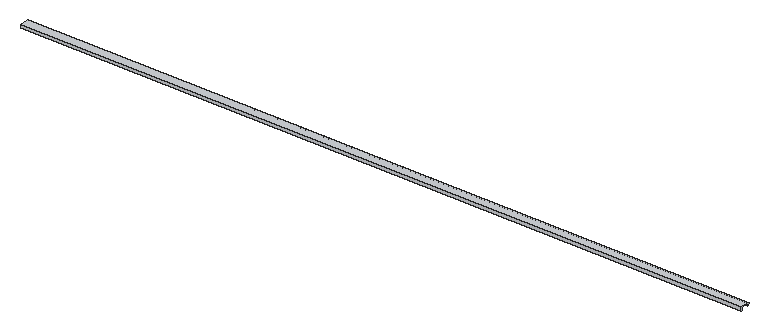
Revit family "Cold-Rolled Channel", category Structural Framing, Revit 2026
Family settings
  Section Shape = Not Defined
  Material for Model Behavior = Other
  Always export as geometry = No
  Classification Number = 23.25.30.11.14.14
  Always vertical = Yes
  Cut with Voids When Loaded = No
  Symbolic Representation = From Family
  Shared = No
  Show family pre-cut in plan views = Yes
Parameters
  Version = "2.0"
  URL = ""
  Manufacturer = ""
  Length [instance] = 120.0000"
Reference planes (in)
  plane 1 "Center (Front/Back)": y = 0
  plane 2 "Center El.": z = 0
  plane 3 "Center (Left/Right)": x = 0
  plane 4 "Left": x = -60
  plane 5 "Right": x = 60
  plane 6: z = 0.5
  plane 7: y = 0.75
  plane 8: y = -0.75
  plane 9: z = 0.4434
  plane 10: y = -0.6934
  plane 11: y = 0.6934
Forms (in)
  Extrusion 1, solid
    sketch origin (60, 0, 0) x (0, -1, 0) y (0, 0, 1)
      loop
        line (0.75, 0) -> (0.75, 0.5) -> (-0.75, 0.5) -> (-0.75, 0) -> (-0.6934, 0) -> (-0.6934, 0.4434) -> (0.6934, 0.4434) -> (0.6934, 0) -> (0.75, 0)
    from 0 to 120
Lines and regions (in)
  model lines, style "Stick Symbols", detail levels coarse
    curve 1: line (-36, 0, 0) -> (36, 0, 0)
Dimensions and locks (in)
  equal spacing: plane 4 "Left", plane 3 "Center (Left/Right)", plane 5 "Right"
  "Length": plane 4 "Left" to plane 5 "Right"
  aligned and locked: plane 1 "Center (Front/Back)" to curve 1
  aligned and locked: plane 4 "Left" to Extrusion 1
  aligned and locked: Extrusion 1 to plane 5 "Right"
Automatic sketch dimensions
  curve 1 to plane 4 "Left" = 24.0000"
  plane 5 "Right" to curve 1 = 24.0000"
  Extrusion 1 sketch curve to plane 6 = 0.0000"
  Extrusion 1 sketch curve to plane 7 = 0.0000"
  Extrusion 1 sketch curve to level = 0.0000"  (x2)
  Extrusion 1 sketch curve to plane 11 = 0.0000"
  Extrusion 1 sketch curve to plane 9 = 0.0000"
  Extrusion 1 sketch curve to plane 10 = 0.0000"
  Extrusion 1 sketch curve to plane 8 = 0.0000"
